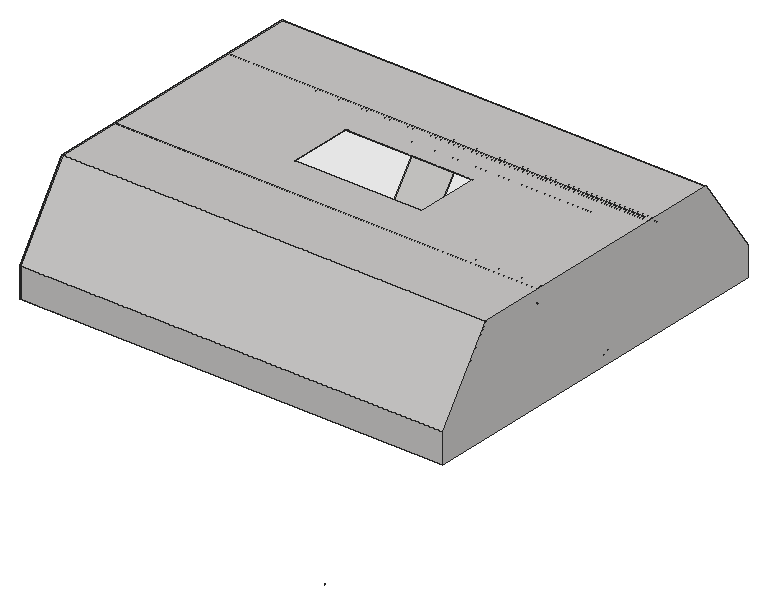
Revit family "QF_ELECTROLUXPROFESSIONAL_642358_BC1820DT", category Attrezzature speciali, Revit 2021
Family settings
  Quota connettore circolare = Usa diametro
  Tipo di parte = Normale
  Basato su piano di lavoro = No
  Sempre verticale = Sì
  Taglio con vuoti quando caricato = No
  Condiviso = No
  Punto di calcolo locali = No
Parameters (values of type "Standard")
  Weight = 67.00 kg
  Watts = 0 W
  Volts = 0 V
  URL Manufacturer = "https://www.electroluxprofessional.com/"
  URL = "https://www.electroluxprofessional.com/"
  Steam Supply Size = 0 mm
  Steam Supply Minimum Pressure = 0.0 Pa
  Steam Supply Maximum Pressure = 0.0 Pa
  Steam Consumption per Hour = 0
  Refrigeration Suction Line Size = 0 mm
  Refrigeration Liquid Line Size = 0 mm
  Refrigerant Compressor Remote = yes
  Prospetto di default = 0 mm
  Produttore = "Electrolux Professional"
  Phase = 0
  Modello = "BC1820DT"
  Length Actual = 2000 mm  # constant formula
  Item Number = "642358"
  Hot Water Size = 0 mm
  Height Actual = 500 mm  # constant formula
  HP = "0 HP"
  Gas Size = 0 mm
  Gas KW = 0
  Gas Input Pressure = 0 W
  Direct Waste Size = 0 mm
  Descrizione = "304 S/S ISLAND HOOD+FILTERS 2000X1800MM"
  Depth Actual = 1800 mm  # constant formula
  Cycle = 0 Hz
  Condensate Return Size = 0 mm
  Compressed Air Volume = 0.0 L/s
  Compressed Air Size = 0 mm
  Compressed Air Pressure = 0.0 Pa
  Cold Water Size = 0 mm
  Accessory = yes
Reference planes
  plane 1: z = 0
  plane 2 "Center (Left/Right)": x = 150
  plane 3 "LEFT": x = -850
  plane 4 "RIGHT": x = 1150
  plane 5 "BACK": y = 550
  plane 6 "TOP": z = 2500
  plane 7 "Base": z = 2000
  plane 8: z = 1946
  plane 9: x = -847
  plane 10 "DrainX": x = 999
  plane 11 "AOLeft2": x = 450
  plane 12: x = 1147
  plane 13: x = -650
  plane 14: x = 950
  plane 15: x = 50
  plane 16: x = 250
  plane 17 "AOLeft1": x = -150
  plane 18: y = -200
  plane 19: y = -500
  plane 20 "Center (Front/Back)": y = -350
  plane 21: y = -1250
  plane 22: through (0, -401.379, 2046.209) normal (0, 0.8019, 0.5974)
  plane 23: through (0, -298.621, 2046.209) normal (0, 0.8019, -0.5974)
  plane 24: z = 2140
Forms (mm)
  Extrusion 1, solid, material "QF_Finishes_Stainless Steel"
    sketch origin (-850, 0, 360) x (0, 1, 0) y (0, 0, 1)
      loop
        line (550, 1640) -> (550, 1780) -> (299.446, 2140) -> (-999.446, 2140) -> (-1250, 1780) -> (-1250, 1640) -> (550, 1640)
    from 0 to 3
  Extrusion 2, solid, material "QF_Finishes_Stainless Steel"
    sketch origin (1150, 0, 360) x (0, 1, 0) y (0, 0, 1)
      loop
        line (550, 1640) -> (550, 1780) -> (299.446, 2140) -> (-999.446, 2140) -> (-1250, 1780) -> (-1250, 1640) -> (550, 1640)
    from 0 to -3
  Extrusion 3, solid, material "QF_Finishes_Stainless Steel"
    sketch origin (150, 0, 360) x (0, 1, 0) y (0, 0, 1)
      loop
        line (-999.446, 2140) -> (-1250, 1780) -> (-1250, 1640) -> (-1240, 1640) -> (-1240, 1640.8) -> (-1249.2, 1640.8) -> (-1249.2, 1779.739) -> (-999.025, 2139.19) -> (299.025, 2139.19) -> (549.2, 1779.739) -> (549.2, 1640.8) -> (540, 1640.8) -> (540, 1640) -> (550, 1640) -> (550, 1780) -> (299.446, 2140) -> (-999.446, 2140)
    from -1000 to 1000
  Extrusion 4, void
    sketch origin (0, 0, 2500) x (0, 1, 0) y (-1, 0, 0)
      loop
        line (-200, -450) -> (-200, 150) -> (-500, 150) -> (-500, -450) -> (-200, -450)
    from 0 to -10
  Extrusion 5, solid, material "QF_Finishes_Stainless Steel"
    sketch origin (0, 0, 0) x (1, 0, 0) y (0, 1, 0)
      loop
        line (-850, 550) -> (-850, 549) -> (-849, 549) -> (-849, 550) -> (-850, 550)
    from 0 to 1
  Extrusion 6, solid, material "QF_Finishes_Stainless Steel"
    sketch origin (150, -400, 360) x (0, 1, 0) y (0, 0, 1)
      loop
        line (-298.883, 2085.553) -> (-1.379, 1686.209) -> (14.66, 1698.157) -> (-282.844, 2097.501) -> (-298.883, 2085.553)
      loop
        line (398.883, 2085.553) -> (382.844, 2097.501) -> (85.34, 1698.157) -> (101.379, 1686.209) -> (398.883, 2085.553)
    from -800 to -997
  Extrusion 7, solid, material "QF_Finishes_Stainless Steel"
    sketch origin (150, -400, 360) x (0, 1, 0) y (0, 0, 1)
      loop
        arc (116.056, 1704.554) -> (115.455, 1704.706) -> (114.923, 1704.389) r 0.81
        line (114.923, 1704.389) -> (100.465, 1684.991) -> (83.389, 1687.002) -> (86.391, 1712.615) -> (85.593, 1712.708) -> (82.594, 1687.095)
        arc (82.594, 1687.095) -> (82.763, 1686.499) -> (83.305, 1686.197) r 0.81
        line (83.305, 1686.197) -> (100.372, 1684.196)
        arc (100.372, 1684.196) -> (100.787, 1684.257) -> (101.116, 1684.517) r 0.81
        line (101.116, 1684.517) -> (115.564, 1703.911) -> (126.308, 1695.919) -> (100.145, 1660.79) -> (-0.145, 1660.79) -> (-26.308, 1695.919) -> (-15.564, 1703.911) -> (-1.116, 1684.517)
        arc (-1.116, 1684.517) -> (-0.787, 1684.257) -> (-0.372, 1684.196) r 0.81
        line (-0.372, 1684.196) -> (16.695, 1686.197)
        arc (16.695, 1686.197) -> (17.237, 1686.499) -> (17.406, 1687.095) r 0.81
        line (17.406, 1687.095) -> (14.407, 1712.708) -> (13.609, 1712.615) -> (16.611, 1687.002) -> (-0.465, 1684.991) -> (-14.923, 1704.389)
        arc (-14.923, 1704.389) -> (-15.455, 1704.706) -> (-16.056, 1704.554) r 0.81
        line (-16.056, 1704.554) -> (-26.786, 1696.561)
        arc (-26.786, 1696.561) -> (-27.103, 1696.028) -> (-26.951, 1695.427) r 0.81
        line (-26.951, 1695.427) -> (-0.843, 1660.381)
        arc (-0.843, 1660.381) -> (-0.5, 1660.093) -> (-0.063, 1659.99) r 0.972
        line (-0.063, 1659.99) -> (100.049, 1659.99)
        arc (100.049, 1659.99) -> (100.498, 1660.096) -> (100.851, 1660.393) r 1
        line (100.851, 1660.393) -> (126.951, 1695.427)
        arc (126.951, 1695.427) -> (127.103, 1696.028) -> (126.786, 1696.561) r 0.81
        line (126.786, 1696.561) -> (116.056, 1704.554)
      loop
        line (-292.735, 2139.19) -> (-292.735, 2129.205) -> (-317.587, 2110.686)
        arc (-317.587, 2110.686) -> (-317.904, 2110.153) -> (-317.752, 2109.552) r 0.81
        line (-317.752, 2109.552) -> (-284.894, 2065.446) -> (-295.625, 2057.438) -> (-295.147, 2056.796) -> (-284.418, 2064.79)
        arc (-284.418, 2064.79) -> (-284.1, 2065.322) -> (-284.252, 2065.923) r 0.81
        line (-284.252, 2065.923) -> (-317.117, 2110.038) -> (-291.935, 2128.798) -> (-291.935, 2138.4) -> (-262.776, 2138.4) -> (-262.776, 2070.563) -> (-261.976, 2069.49) -> (-261.976, 2139.19) -> (-292.735, 2139.19)
      loop
        line (392.735, 2139.19) -> (361.976, 2139.19) -> (361.976, 2069.49) -> (362.776, 2070.563) -> (362.776, 2138.4) -> (391.935, 2138.4) -> (391.935, 2128.798) -> (417.117, 2110.038) -> (384.252, 2065.923)
        arc (384.252, 2065.923) -> (384.1, 2065.322) -> (384.418, 2064.79) r 0.81
        line (384.418, 2064.79) -> (395.147, 2056.796) -> (395.625, 2057.438) -> (384.894, 2065.446) -> (417.752, 2109.552)
        arc (417.752, 2109.552) -> (417.904, 2110.153) -> (417.587, 2110.686) r 0.81
        line (417.587, 2110.686) -> (392.735, 2129.205) -> (392.735, 2139.19)
    from -997 to 997
  Extrusion 8, solid, material "QF_Finishes_Stainless Steel"
    sketch origin (150, -400, 360) x (0, 1, 0) y (0, 0, 1)
      loop
        line (-298.883, 2085.553) -> (-1.379, 1686.209) -> (14.66, 1698.157) -> (-282.844, 2097.501) -> (-298.883, 2085.553)
      loop
        line (398.883, 2085.553) -> (382.844, 2097.501) -> (85.34, 1698.157) -> (101.379, 1686.209) -> (398.883, 2085.553)
    from 997 to 800
  Extrusion 9, solid, material "QF_Finishes_Stainless Steel"
    sketch origin (150, -400, 360) x (0, 1, 0) y (0, 0, 1)
      loop
        line (-298.883, 2085.553) -> (-1.379, 1686.209) -> (14.66, 1698.157) -> (-282.844, 2097.501) -> (-298.883, 2085.553)
      loop
        line (398.883, 2085.553) -> (382.844, 2097.501) -> (85.34, 1698.157) -> (101.379, 1686.209) -> (398.883, 2085.553)
    from -100 to 100
  Extrusion 10, solid, material "QF_Finished_Chrome"
    sketch origin (150, -400, 360) x (0, 1, 0) y (0, 0, 1)
      loop
        line (-298.883, 2085.553) -> (-1.379, 1686.209) -> (14.66, 1698.157) -> (-282.844, 2097.501) -> (-298.883, 2085.553)
      loop
        line (398.883, 2085.553) -> (382.844, 2097.501) -> (85.34, 1698.157) -> (101.379, 1686.209) -> (398.883, 2085.553)
    from -800 to -100
  Extrusion 11, solid, material "QF_Finished_Chrome"
    sketch origin (150, -400, 360) x (0, 1, 0) y (0, 0, 1)
      loop
        line (-298.883, 2085.553) -> (-1.379, 1686.209) -> (14.66, 1698.157) -> (-282.844, 2097.501) -> (-298.883, 2085.553)
      loop
        line (398.883, 2085.553) -> (382.844, 2097.501) -> (85.34, 1698.157) -> (101.379, 1686.209) -> (398.883, 2085.553)
    from 100 to 800
  Sweep 12, solid, material "QF_Finishes_Stainless Steel"
    path origin (0, 0, 0) x (1, 0, 0) y (0, 1, 0)
      loop
        line (1150, 550) -> (-850, 550) -> (-850, -1250) -> (1150, -1250) -> (1150, 550)
    profile origin (1150, -350, 0) x (1, 0, 0) y (0, 0, 1)
      loop
        line (-3, 2000) -> (-3, 2000.8) -> (-19, 2000.8) -> (-19, 2010) -> (-20, 2010) -> (-20, 2000) -> (-3, 2000)
  Extrusion 13, solid, material "QF_Finishes_Stainless Steel"
    sketch origin (999, 0, 0) x (0, 1, 0) y (0, 0, 1)
      loop
        arc (-318.5, 1946) -> (-311.429, 1948.929) -> (-308.5, 1956) r 10
        line (-308.5, 1956) -> (-308.5, 2000.8) -> (-391.5, 2000.8) -> (-391.5, 1956)
        arc (-391.5, 1956) -> (-388.571, 1948.929) -> (-381.5, 1946) r 10
        line (-381.5, 1946) -> (-318.5, 1946)
    from -90 to 90
  Extrusion 14, solid, material "QF_Finishes_Stainless Steel"
    sketch origin (0, -1100, 2000) x (0, 1, 0) y (-1, 0, 0)
      loop
        circle (750, -999) r 6.35
    from -3.799 to 0
Cuts and joins
  Extrusion 4 cuts Extrusion 3
  joined: Extrusion 2, Extrusion 3, Sweep 12
Lines and regions (mm)
  symbolic lines, style "SpecialityEquipment", detail levels coarse
    curve 1: line (1150, 550, 2500) -> (-850, 550, 2500)
    curve 2: line (-850, 550, 2500) -> (-850, -1250.8, 2500)
    curve 3: line (1150, -1250.8, 2500) -> (1150, 550, 2500)
    curve 4: line (-850, 299.025, 0) -> (1149.504, -999.025, 0)
    curve 5: line (1149.568, 299.025, 0) -> (-850, -999.025, 0)
  symbolic lines, detail levels coarse
    curve 6: line (-150, -500, 0) -> (450, -500, 0)
    curve 7: line (-150, -200, 0) -> (-150, -500, 0)
    curve 8: line (450, -200, 0) -> (-150, -200, 0)
    curve 9: line (450, -500, 0) -> (450, -200, 0)
    curve 10: line (-850, 299.025, 0) -> (1149.568, 299.025, 0)
    curve 11: line (1149.504, -999.025, 0) -> (-850, -999.025, 0)
    curve 12: line (1150, -1250, 0) -> (-850, -1250, 0)
Dimensions and locks
  plane 3 "LEFT" to plane 4 "RIGHT" = 2000 mm
  equal spacing: plane 3 "LEFT", plane 2 "Center (Left/Right)", plane 4 "RIGHT"
  plane 3 "LEFT" to plane 9 = 3 mm
  plane 10 "DrainX" to plane 4 "RIGHT" = 151 mm
  plane 12 to plane 4 "RIGHT" = 3 mm
  plane 3 "LEFT" to plane 13 = 200 mm
  plane 14 to plane 4 "RIGHT" = 200 mm
  locked: plane 7 "Base" to level at 2000
  locked: plane 15 to plane 16 at 200
  equal spacing: plane 15, plane 2 "Center (Left/Right)", plane 16
  plane 7 "Base" to plane 8 = 54 mm
  locked: plane 6 "TOP" to plane 7 "Base" at 500
  plane 5 "BACK" to plane 21 = 1800 mm  (x2)
  equal spacing: plane 5 "BACK", plane 20 "Center (Front/Back)", plane 21
  plane 19 to plane 18 = 300 mm
  equal spacing: plane 19, plane 20 "Center (Front/Back)", plane 18
  plane 24 to plane 7 "Base" = 140 mm
  locked: plane 17 "AOLeft1" to plane 11 "AOLeft2" at 600
  aligned and locked: level to plane 1
  aligned and locked: plane 4 "RIGHT" to Extrusion 3
  aligned and locked: Extrusion 3 to plane 3 "LEFT"
  aligned and locked: Extrusion 6 to plane 9
  aligned and locked: plane 13 to Extrusion 6
  aligned and locked: Extrusion 2 to plane 12
  aligned and locked: plane 12 to Extrusion 8
  aligned and locked: Extrusion 8 to plane 14
  aligned and locked: plane 16 to Extrusion 9
  aligned and locked: Extrusion 9 to plane 15
  aligned and locked: plane 15 to Extrusion 10
  aligned and locked: Extrusion 10 to plane 13
  aligned and locked: Extrusion 11 to plane 16
  aligned and locked: Extrusion 11 to plane 14
  aligned and locked: Extrusion 7 to plane 9
  aligned and locked: plane 12 to Extrusion 7
  aligned and locked: Extrusion 4 to plane 17 "AOLeft1"
  aligned and locked: Extrusion 4 to plane 11 "AOLeft2"
  aligned and locked: plane 19 to Extrusion 4
  aligned and locked: plane 18 to Extrusion 4
Automatic sketch dimensions
  curve 2 to plane 3 "LEFT" = 0 mm
  curve 3 to plane 4 "RIGHT" = 0 mm
  curve 2 to plane 5 "BACK" = 0 mm
  Extrusion 4 sketch curve to plane 11 "AOLeft2" = 0 mm
  Extrusion 4 sketch curve to plane 17 "AOLeft1" = 0 mm
  Extrusion 5 sketch curve to plane 3 "LEFT" = 0 mm
  Extrusion 5 sketch curve to plane 5 "BACK" = 0 mm
  plane 3 "LEFT" to Extrusion 5 sketch curve = 1 mm
  Extrusion 5 sketch curve to Extrusion 5 sketch curve = 1 mm
  Sweep 12 sketch curve to plane 3 "LEFT" = 0 mm
  Sweep 12 sketch curve to plane 4 "RIGHT" = 0 mm
  Sweep 12 sketch curve to plane 5 "BACK" = 0 mm
  profile plane to Sweep 12 sketch curve = 20 mm
  Sweep 12 sketch curve to Sweep 12 sketch curve = 1 mm
  profile plane to Sweep 12 sketch curve = 3 mm
  level to Sweep 12 sketch curve = 2000 mm
  Sweep 12 sketch curve to Sweep 12 sketch curve = 0.8 mm
  Sweep 12 sketch curve to Sweep 12 sketch curve = 9.2 mm
  plane 19 to curve 3 = 750.8 mm
  plane 19 to curve 2 = 750.8 mm
  plane 19 to Sweep 12 sketch curve = 750 mm
  plane 19 to Extrusion 4 sketch curve = 0 mm
  Extrusion 4 sketch curve to plane 18 = 0 mm
  Extrusion 14 sketch curve to plane 10 "DrainX" = 0 mm
  Extrusion 14 sketch curve to plane 20 "Center (Front/Back)" = 0 mm
  Extrusion 13 sketch curve to plane 8 = 0 mm
  plane 8 to Extrusion 13 sketch curve = 10 mm
  Extrusion 13 sketch curve to plane 20 "Center (Front/Back)" = 41.5 mm
  plane 20 "Center (Front/Back)" to Extrusion 13 sketch curve = 31.5 mm
  plane 7 "Base" to Extrusion 13 sketch curve = 0.8 mm
  plane 20 "Center (Front/Back)" to Extrusion 13 sketch curve = 41.5 mm
  plane 19 to Extrusion 6 sketch curve = 198.883 mm
  Extrusion 6 sketch curve to plane 6 "TOP" = 42.499 mm  (x2)
  Extrusion 6 sketch curve to Extrusion 6 sketch curve = 16.039 mm  (x2)
  Extrusion 6 sketch curve to plane 20 "Center (Front/Back)" = 51.379 mm
  plane 20 "Center (Front/Back)" to Extrusion 6 sketch curve = 35.34 mm
  plane 18 to Extrusion 6 sketch curve = 182.844 mm
  Extrusion 6 sketch curve to Extrusion 6 sketch curve = 11.948 mm  (x2)
  Extrusion 7 sketch curve to plane 6 "TOP" = 30.448 mm  (x2)
  plane 19 to Extrusion 7 sketch curve = 217.752 mm
  Extrusion 7 sketch curve to plane 6 "TOP" = 29.314 mm  (x2)
  Extrusion 7 sketch curve to Extrusion 7 sketch curve = 0.166 mm  (x3)
  Extrusion 7 sketch curve to plane 6 "TOP" = 29.962 mm  (x2)
  Extrusion 7 sketch curve to Extrusion 7 sketch curve = 0.47 mm  (x2)
  Extrusion 7 sketch curve to Extrusion 7 sketch curve = 0.014 mm  (x2)
  Extrusion 7 sketch curve to plane 6 "TOP" = 82.562 mm  (x2)
  Extrusion 7 sketch curve to Extrusion 7 sketch curve = 22.127 mm
  Extrusion 7 sketch curve to plane 6 "TOP" = 83.204 mm  (x2)
  Extrusion 7 sketch curve to Extrusion 7 sketch curve = 0.478 mm  (x5)
  Extrusion 7 sketch curve to plane 6 "TOP" = 0.81 mm  (x2)
  Extrusion 7 sketch curve to Extrusion 7 sketch curve = 24.852 mm
  Extrusion 7 sketch curve to Extrusion 7 sketch curve = 0.8 mm  (x5)
  Extrusion 7 sketch curve to Extrusion 7 sketch curve = 10.724 mm
  Extrusion 7 sketch curve to plane 6 "TOP" = 74.554 mm  (x2)
  Extrusion 7 sketch curve to Extrusion 7 sketch curve = 0.008 mm  (x6)
  Extrusion 7 sketch curve to plane 6 "TOP" = 75.21 mm  (x2)
  Extrusion 7 sketch curve to plane 6 "TOP" = 74.077 mm  (x2)
  Extrusion 7 sketch curve to Extrusion 7 sketch curve = 0.642 mm  (x2)
  Extrusion 7 sketch curve to plane 6 "TOP" = 69.437 mm  (x2)
  Extrusion 7 sketch curve to Extrusion 7 sketch curve = 21.476 mm  (x2)
  Extrusion 7 sketch curve to plane 19 = 73.049 mm
  Extrusion 7 sketch curve to Extrusion 7 sketch curve = 0.006 mm  (x4)
  Extrusion 7 sketch curve to Extrusion 7 sketch curve = 10.73 mm  (x3)
  Extrusion 7 sketch curve to Extrusion 7 sketch curve = 0.484 mm  (x4)
  Extrusion 7 sketch curve to Extrusion 7 sketch curve = 0.641 mm  (x2)
  Extrusion 7 sketch curve to Extrusion 7 sketch curve = 14.448 mm
  plane 7 "Base" to Extrusion 7 sketch curve = 20.381 mm
  Extrusion 7 sketch curve to Extrusion 7 sketch curve = 0.273 mm
  Extrusion 7 sketch curve to Extrusion 7 sketch curve = 0.65 mm  (x2)
  Extrusion 7 sketch curve to Extrusion 7 sketch curve = 0.001 mm  (x4)
  Extrusion 7 sketch curve to Extrusion 7 sketch curve = 0.093 mm  (x2)
  plane 7 "Base" to Extrusion 7 sketch curve = 20.79 mm
  Extrusion 7 sketch curve to Extrusion 7 sketch curve = 0.698 mm
  Extrusion 7 sketch curve to Extrusion 7 sketch curve = 0.081 mm
  Extrusion 7 sketch curve to Extrusion 7 sketch curve = 28.531 mm
  Extrusion 7 sketch curve to Extrusion 7 sketch curve = 0.799 mm  (x2)
  Extrusion 7 sketch curve to Extrusion 7 sketch curve = 17.067 mm  (x2)
  Extrusion 7 sketch curve to Extrusion 7 sketch curve = 0.01 mm  (x4)
  Extrusion 7 sketch curve to Extrusion 7 sketch curve = 0.094 mm
  Extrusion 7 sketch curve to Extrusion 7 sketch curve = 0.795 mm  (x2)
  plane 20 "Center (Front/Back)" to Extrusion 7 sketch curve = 32.594 mm
  Extrusion 7 sketch curve to Extrusion 7 sketch curve = 0.71 mm
  Extrusion 7 sketch curve to Extrusion 7 sketch curve = 2.998 mm
  Extrusion 7 sketch curve to Extrusion 7 sketch curve = 16.745 mm
  Extrusion 7 sketch curve to Extrusion 7 sketch curve = 0.095 mm
  plane 7 "Base" to Extrusion 7 sketch curve = 20.393 mm
  Extrusion 7 sketch curve to Extrusion 7 sketch curve = 0.707 mm
  Extrusion 7 sketch curve to Extrusion 7 sketch curve = 0.651 mm
  Extrusion 7 sketch curve to Extrusion 7 sketch curve = 14.456 mm
  Extrusion 7 sketch curve to plane 6 "TOP" = 70.51 mm  (x2)
  plane 18 to Extrusion 7 sketch curve = 161.976 mm
  Extrusion 7 sketch curve to plane 6 "TOP" = 1.6 mm
  Extrusion 7 sketch curve to Extrusion 7 sketch curve = 29.159 mm
  Extrusion 7 sketch curve to Extrusion 7 sketch curve = 24.368 mm
  Extrusion 7 sketch curve to Extrusion 7 sketch curve = 0.636 mm
  Extrusion 7 sketch curve to Extrusion 7 sketch curve = 23.206 mm
  Extrusion 7 sketch curve to Extrusion 7 sketch curve = 23.234 mm
  Extrusion 7 sketch curve to Extrusion 7 sketch curve = 0.321 mm  (x2)
  Extrusion 7 sketch curve to Extrusion 7 sketch curve = 2.001 mm  (x2)
  Extrusion 7 sketch curve to Extrusion 7 sketch curve = 0.804 mm  (x2)
  Extrusion 7 sketch curve to Extrusion 7 sketch curve = 10.911 mm  (x2)
  Extrusion 7 sketch curve to Extrusion 7 sketch curve = 7.993 mm  (x2)
  Extrusion 7 sketch curve to Extrusion 7 sketch curve = 25.613 mm  (x2)
  Extrusion 7 sketch curve to Extrusion 7 sketch curve = 0.407 mm  (x2)
  Extrusion 7 sketch curve to Extrusion 7 sketch curve = 0.79 mm
  Extrusion 3 sketch curve to plane 7 "Base" = 0 mm  (x2)
  Extrusion 3 sketch curve to plane 21 = 0 mm
  Extrusion 3 sketch curve to plane 5 "BACK" = 0 mm
  plane 21 to Extrusion 3 sketch curve = 0.8 mm
  plane 7 "Base" to Extrusion 3 sketch curve = 0.8 mm  (x2)
  Extrusion 3 sketch curve to Extrusion 3 sketch curve = 9.2 mm
  plane 21 to Extrusion 3 sketch curve = 250.554 mm
  Extrusion 3 sketch curve to Extrusion 3 sketch curve = 0.421 mm  (x2)
  Extrusion 3 sketch curve to plane 6 "TOP" = 0.81 mm
  Extrusion 3 sketch curve to plane 5 "BACK" = 250.975 mm
  Extrusion 3 sketch curve to plane 5 "BACK" = 10 mm
  Extrusion 3 sketch curve to plane 5 "BACK" = 0.8 mm
  Extrusion 3 sketch curve to Extrusion 3 sketch curve = 138.939 mm  (x2)
  Extrusion 3 sketch curve to Extrusion 3 sketch curve = 0.261 mm  (x2)
  Extrusion 3 sketch curve to plane 6 "TOP" = 0 mm
  Extrusion 1 sketch curve to plane 7 "Base" = 0 mm
  Extrusion 1 sketch curve to plane 21 = 0 mm
  Extrusion 1 sketch curve to plane 6 "TOP" = 0 mm
  Extrusion 1 sketch curve to plane 5 "BACK" = 0 mm
  Extrusion 1 sketch curve to plane 5 "BACK" = 250.554 mm
  plane 7 "Base" to Extrusion 1 sketch curve = 140 mm
  Extrusion 1 sketch curve to Extrusion 1 sketch curve = 140 mm
  plane 21 to Extrusion 1 sketch curve = 250.554 mm
  plane 19 to Extrusion 10 sketch curve = 198.883 mm
  Extrusion 10 sketch curve to plane 6 "TOP" = 42.499 mm  (x2)
  Extrusion 10 sketch curve to Extrusion 10 sketch curve = 16.039 mm  (x2)
  Extrusion 10 sketch curve to plane 20 "Center (Front/Back)" = 51.379 mm
  plane 20 "Center (Front/Back)" to Extrusion 10 sketch curve = 35.34 mm
  plane 18 to Extrusion 10 sketch curve = 182.844 mm
  Extrusion 10 sketch curve to Extrusion 10 sketch curve = 11.948 mm  (x2)
  plane 19 to Extrusion 9 sketch curve = 198.883 mm
  Extrusion 9 sketch curve to plane 6 "TOP" = 42.499 mm  (x2)
  Extrusion 9 sketch curve to Extrusion 9 sketch curve = 16.039 mm  (x2)
  Extrusion 9 sketch curve to plane 20 "Center (Front/Back)" = 51.379 mm
  plane 20 "Center (Front/Back)" to Extrusion 9 sketch curve = 35.34 mm
  plane 18 to Extrusion 9 sketch curve = 182.844 mm
  Extrusion 9 sketch curve to Extrusion 9 sketch curve = 11.948 mm  (x2)
  plane 19 to Extrusion 11 sketch curve = 198.883 mm
  Extrusion 11 sketch curve to plane 6 "TOP" = 42.499 mm  (x2)
  Extrusion 11 sketch curve to Extrusion 11 sketch curve = 16.039 mm  (x2)
  Extrusion 11 sketch curve to plane 20 "Center (Front/Back)" = 51.379 mm
  plane 20 "Center (Front/Back)" to Extrusion 11 sketch curve = 35.34 mm
  plane 18 to Extrusion 11 sketch curve = 182.844 mm
  Extrusion 11 sketch curve to Extrusion 11 sketch curve = 11.948 mm  (x2)
  plane 19 to Extrusion 8 sketch curve = 198.883 mm
  Extrusion 8 sketch curve to plane 6 "TOP" = 42.499 mm  (x2)
  Extrusion 8 sketch curve to Extrusion 8 sketch curve = 16.039 mm  (x2)
  Extrusion 8 sketch curve to plane 20 "Center (Front/Back)" = 51.379 mm
  plane 20 "Center (Front/Back)" to Extrusion 8 sketch curve = 35.34 mm
  plane 18 to Extrusion 8 sketch curve = 182.844 mm
  Extrusion 8 sketch curve to Extrusion 8 sketch curve = 11.948 mm  (x2)
  Extrusion 2 sketch curve to plane 7 "Base" = 0 mm
  Extrusion 2 sketch curve to plane 21 = 0 mm
  Extrusion 2 sketch curve to plane 5 "BACK" = 0 mm
  Extrusion 2 sketch curve to plane 24 = 0 mm  (x2)
  Extrusion 2 sketch curve to plane 5 "BACK" = 250.554 mm
  plane 21 to Extrusion 2 sketch curve = 250.554 mm
  Extrusion 2 sketch curve to plane 6 "TOP" = 0 mm
  curve 4 to plane 3 "LEFT" = 0 mm
  curve 11 to plane 3 "LEFT" = 0 mm
  curve 12 to plane 3 "LEFT" = 0 mm
  curve 7 to plane 17 "AOLeft1" = 0 mm
  curve 8 to plane 11 "AOLeft2" = 0 mm
  curve 12 to plane 4 "RIGHT" = 0 mm
  curve 12 to plane 21 = 0 mm
  plane 19 to curve 6 = 0 mm
  curve 9 to plane 18 = 0 mm
  curve 11 to plane 4 "RIGHT" = 0.496 mm
  curve 10 to plane 4 "RIGHT" = 0.432 mm
  plane 21 to curve 4 = 250.975 mm
  curve 10 to plane 5 "BACK" = 250.975 mm
  radius of Extrusion 14 sketch curve = 6.35 mm
Connectors
  hvac at (150, -350, 2500)
    settings: on Extrusion 4, index 2, duct flow 0.0 L/s, flow factor 0, pres drop 0.0 Pa, loss coef 0, conn angle 0.00°, conn width 300 mm, conn height 0 mm, conn diameter 609.6 mm, duct sys type 3, conn prof type 1, flow config 1, flow direction 2, loss method 0, conn ref index -1, conn util no, is conn primary yes, conn desc "EXHAUST OUTLET"
  piping at (999, -350, 1996.201), diameter 12.7
    settings: on Extrusion 14, index 4, connector inside diameter 609.6 mm, connector length 0 mm, flow factor 0, pipe flow 0.0 L/s, pressure drop 0.0 Pa, fitting loss kfactor 0, connector angle 0.00°, fixture units 0, engagement length 0 mm, angle of deflection 0.00°, flow configuration 1, flow direction 2, fitting loss method 0, system type 16, joint type 0, gender type 0, connector reference index -1, connector utility 0, adjustable connector no, is connector primary yes, connector description "Drain"
